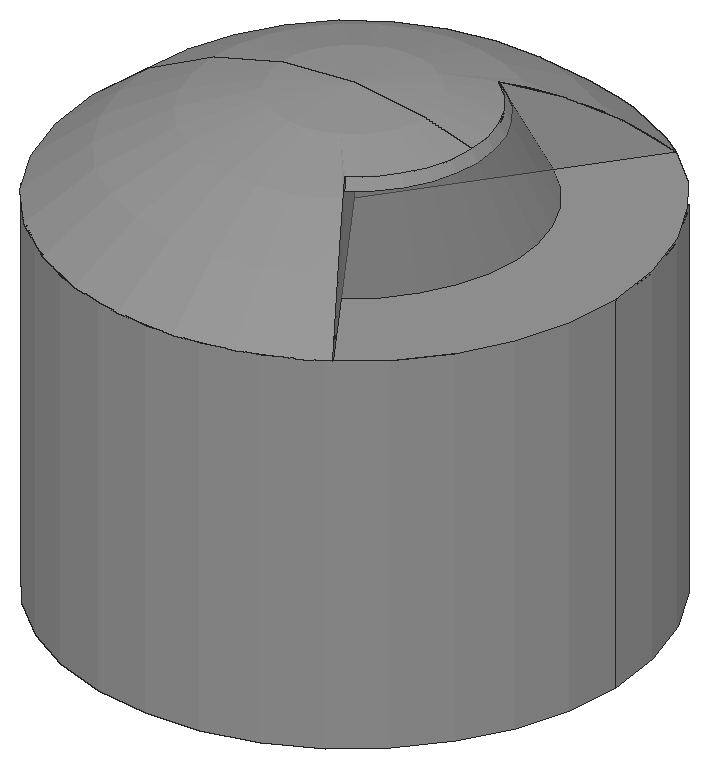
Revit family "4069405 Sylvania Lighting Fixture PATHE GROUND DECO MONO2 NARROW 104LM LED 4K", category Lighting Fixtures, host Face, Revit 2016
Family settings
  Host = Face
  Part Type = Normal
  Round Connector Dimension = Use Diameter
  OmniClass Number = 23.80.70.00
  OmniClass Title = Lighting
  Cut with Voids When Loaded = No
  Light Source = No
  Shared = No
  Room Calculation Point = No
Parameters (values of type "4069405 PATHE/G/DM2 NAR 104LM LED 4K")
  Weight = "0.9 kg"
  Wattage Comments = ""
  WarrantyStartDate [instance] = "n/a"
  WarrantyGuarantorParts = "n/a"
  WarrantyDurationUnit = "n/a"
  WarrantyDurationParts = "n/a"
  WarrantyDescription = "n/a"
  Voltage = 0 V
  URL = "http://www.sylvania-lighting.com"
  TypeName = "PATHE/GROUND/DECO MONO2 NARROW 104LM LED 4K"
  TypeLight_SYL = Pathe DM light : 4069405 PATHE/G/DM2 NAR 104LM LED 4K
  Type Image = <None>
  Type Comments = "n/a"
  SerialNumber [instance] = "n/a"
  RotationStart_SYL [instance] = if(BeamInclination22Deg_SYL, 22.00°, if(BeamInclination45Deg_SYL, 45.00°, 0.00°))  # 0.00°
  RotationEnd_SYL [instance] = RotationStart_SYL + 180.00°  # 180.00°
  Radius_SYL = 145 mm / 2  # 72.5 mm
  RadiusRef_SYL = 120 mm  # constant formula
  RadiusOpeningTop_SYL = 30 mm  # constant formula
  RadiusDome_SYL = 212 mm / 2  # 106 mm
  RadiusDiffuserBottom_SYL = 45 mm  # constant formula
  Offset_SYL = 0 mm
  Material_3_SYL = none
  PowerFactor = 0
  PowerConsumption = "4 W"
  NominalLength = 145 mm
  NominalHeight = 93 mm
  NominalDepth = 0 mm
  Name = "PATHE/GROUND/DECO MONO2 NARROW 104LM LED 4K"
  ModelReference = Name  # "PATHE/GROUND/DECO MONO2 NARROW 104LM LED 4K"
  ModelNumber = "4069405"
  Model = Name  # "PATHE/GROUND/DECO MONO2 NARROW 104LM LED 4K"
  Material = "corrosion resistant die-cast aluminium housing, uv-resistant polycarbonate diffuser"
  ManufacturerName = "Feilo Sylvania"
  Manufacturer = "Feilo Sylvania"
  LuminousEfficacy = "26 lm/W"
  LuminaireType = ""
  LightOutputRatio = "100"
  LampsType = Lamp  # "LED"
  LampNominalLuminous = "104 lm"
  LampMacAdamStep = "n/a"
  LampColourTemperature = "4000 K"
  LampColourRenderingIndex = "80"
  Lamp = "LED"
  Keynote = "16500"
  InstallationDate [instance] = "n/a"
  InputVoltage = "n/a"
  InputNominalFrequency = "n/a"
  IngressProtection = "IP67"
  ImpactProtectionIndex = "IK10"
  IfcExportType = "IfcLightFixtureType"
  IfcExportAs = "IfcLightFixtureType"
  HieghtGround_SYL = 93 mm  # constant formula
  HeightDome_SYL = 32 mm  # constant formula
  ExpectedLife = 50000
  EmittionSurface_SYL = 40 mm  # constant formula
  ElectricShockClassification = "Class I"
  DurationUnit = "hours"
  DocumentationLiterature = "http://www.sylvania-lighting.com/product/en-int/products/4069405"
  DimmingControlOptions = "n/a"
  Material_2_SYL = PC-Sylvania-PatheDM-Glow
  Description = "Single emission recessed ground luminaire, Corrosion resistant die-cast aluminium, 104lm, 4W, 26lm/W, 4000K, CRI80+, 10°, non dimmable, IP67, IK10, (ØxD) Ø145x125mm, 3 step MacAdam ellipse, 1.2kg, Class I, 220-240V, A++ A+ A"
  Default Elevation = 1219.2 mm
  CreatedOn = "9/26/2018"
  CreatedBy = "@sylvania-lighting.com"
  Cost = 0
  built-in parameter 1114216 [instance] = (empty or 0)
  ClassificationValue = "EF_70_80"
  ClassificationName = "Uniclass2015"
  Material_1_SYL = Aluminum 6061 T6 80 Hot Formed
  BeamInclination45Deg_SYL [instance] = no
  BeamInclination22Deg_SYL [instance] = no
  BarCode [instance] = "n/a"
  AssetType = "Fixed"
  AssetIdentifier [instance] = "n/a"
  Assembly Code = "D5020200"
  Apparent Load = 4 VA
  Material_4_SYL = none
  AngleOpening_SYL = 55.00°
  AngleOpeningMINUS_SYL = -AngleOpening_SYL  # -55.00°
Reference planes
  plane 1 "Center (Front/Back)": y = 0
  plane 2: z = 0
  plane 3 "Center (Left/Right)": x = 0
  plane 4: x = -72.5
  plane 5: z = 32
  plane 6: z = -93
  plane 7: z = -50.5
  plane 8: x = 45
  plane 9: x = 30
  plane 10: z = 24
  plane 11: x = 40
  plane 12: z = 14
Forms (mm)
  Revolve 1, void
    sketch origin (0, 0, 0) x (1, 0, 0) y (0, 0, 1)
      loop
        line (0, -93) -> (0, 0) -> (-72.5, 0) -> (-72.5, -93) -> (0, -93)
      axis (0, 0) -> (0, -93)
    angle from 360 to 0
  Revolve 2, solid, material "Aluminum 6061 T6 80 Hot Formed" <- "Material_1_SYL"
    sketch origin (0, 0, 0) x (1, 0, 0) y (0, 0, 1)
      loop
        arc (0, 32) -> (-38.982, 24.572) -> (-72.5, 3.329) r 106
        line (-72.5, 3.329) -> (-72.5, -93) -> (0, -93) -> (0, 32)
      axis (0, 32) -> (0, -93)
    angle from 360 to 0
  Blend 3, void
    base sketch origin (1223.4, -4572, 32) x (-1, 0, 0) y (0, -1, 0)
      loop
        arc (1206.193, -4596.575) -> (1193.4, -4572) -> (1206.193, -4547.425) r 30
        line (1206.193, -4547.425) -> (1154.571, -4473.702)
        arc (1154.571, -4473.702) -> (1103.4, -4572) -> (1154.571, -4670.298) r 120
        line (1154.571, -4670.298) -> (1206.193, -4596.575)
    top sketch origin (1223.4, -4572, 32) x (-1, 0, 0) y (0, -1, 0)
      loop
        line (1154.571, -4670.298) -> (1197.589, -4608.862)
        arc (1197.589, -4608.862) -> (1178.4, -4572) -> (1197.589, -4535.138) r 45
        line (1197.589, -4535.138) -> (1154.571, -4473.702)
        arc (1154.571, -4473.702) -> (1103.4, -4572) -> (1154.571, -4670.298) r 120
    from 0 to -28.671
  Revolve 4, void
    sketch origin (0, 0, 0) x (1, 0, 0) y (0, 0, 1)
      loop
        line (0, 24) -> (0, 3.329) -> (45, 3.329) -> (45, 24) -> (0, 24)
      axis (0, 24) -> (0, 3.329)
    angle from -55 <- "AngleOpeningMINUS_SYL" to 55 <- "AngleOpening_SYL"
  Revolve 5, solid, material "PC-Sylvania-PatheDM-Glow" <- "Material_2_SYL"
    sketch origin (0, 0, 0) x (1, 0, 0) y (0, 0, 1)
      loop
        line (0, 24) -> (0, 3.329) -> (45, 3.329) -> (34.185, 24) -> (0, 24)
      axis (0, 24) -> (0, 3.329)
    angle from -55 <- "AngleOpeningMINUS_SYL" to 55 <- "AngleOpening_SYL"
  Revolve 6, solid, not visible
    sketch origin (40, 1524, 1219.2) x (0, 1, 0) y (0, 0, 1)
      loop
        line (-1520, -1205.2) -> (-1520, -1202.402) -> (-1528, -1202.402) -> (-1528, -1205.2) -> (-1520, -1205.2)
      axis (-1520, -1205.2) -> (-1528, -1205.2)
    angle from 0 <- "RotationStart_SYL" to 180 <- "RotationEnd_SYL"
Cuts and joins
  Blend 3, Revolve 4 cuts Revolve 2
Lines and regions (mm)
  reference lines
    curve 1: circle (0, 0, -74) r 106 normal (0, -1, 0)
    curve 2: line (-72.5, 0, 3.329) -> (0, 0, 3.329)
    curve 3: circle (0, 0, 32) r 30 normal (0, 0, -1)
    curve 4: line (0, 0, 32) -> (34.415, 49.149, 32)
    curve 5: line (0, 0, 32) -> (34.415, -49.149, 32)
    curve 6: line (0, 0, 32) -> (40.15, 57.341, 32)
    curve 7: line (40.15, -57.341, 32) -> (0, 0, 32)
    curve 8: circle (0, 0, 32) r 45 normal (0, 0, -1)
    curve 9: line (30, 0, 32) -> (45, 0, 3.329)
    curve 10: line (40, -4, 1.596) -> (40, -4, 32)
    curve 11: line (40, 4, 32) -> (40, 4, 1.596)
    curve 12: circle (0, 0, 32) r 120 normal (0, 0, -1)
Dimensions and locks
  "Radius_SYL": plane 3 "Center (Left/Right)" to plane 4
  "HeightDome_SYL": plane 5 to plane 2
  "HieghtGround_SYL": plane 2 to plane 6
  "RadiusDome_SYL": plane 5 to curve 1
  "Offset_SYL": curve 6 to curve 4
  "Offset_SYL": curve 5 to curve 7
  "RadiusOpeningTop_SYL": plane 3 "Center (Left/Right)" to plane 9
  "RadiusDiffuserBottom_SYL": plane 3 "Center (Left/Right)" to plane 8
  locked: plane 5 to plane 10 at 8
  "EmittionSurface_SYL": plane 3 "Center (Left/Right)" to plane 11
  locked: plane 10 to plane 12 at 10
  curve 10 to plane 1 "Center (Front/Back)" to curve 11 = 4 mm locked, 4 mm locked
  "RadiusDome_SYL": radius of curve 1
  "RadiusOpeningTop_SYL": radius of curve 3
  "RadiusDiffuserBottom_SYL": radius of curve 8
  "RadiusRef_SYL": radius of curve 12
  "AngleOpening_SYL": angle plane 1 "Center (Front/Back)" to curve 4
  "AngleOpening_SYL": angle curve 5 to plane 1 "Center (Front/Back)"
  "AngleOpening_SYL": angle plane 1 "Center (Front/Back)" to curve 6
  "AngleOpening_SYL": angle curve 7 to plane 1 "Center (Front/Back)"
  aligned and locked: plane 2 to host face
  aligned and locked: level to host face
  aligned and locked: plane 3 "Center (Left/Right)" to curve 1
  aligned and locked: plane 3 "Center (Left/Right)" to curve 2
  aligned and locked: Revolve 1 sketch curve to plane 3 "Center (Left/Right)"  (x2)
  aligned and locked: Revolve 1 sketch curve to plane 6
  aligned and locked: Revolve 1 sketch curve to level
  aligned and locked: plane 4 to Revolve 1 sketch curve
  aligned and locked: Revolve 2 sketch curve to plane 3 "Center (Left/Right)"  (x2)
  aligned and locked: Revolve 2 sketch curve to curve 1
  aligned and locked: Revolve 2 sketch curve to plane 4
  aligned and locked: plane 3 "Center (Left/Right)" to curve 3
  aligned and locked: plane 1 "Center (Front/Back)" to curve 3
  aligned and locked: plane 3 "Center (Left/Right)" to curve 4
  aligned and locked: plane 1 "Center (Front/Back)" to curve 6
  aligned and locked: plane 3 "Center (Left/Right)" to curve 8
  aligned and locked: plane 1 "Center (Front/Back)" to curve 8
  aligned and locked: plane 5 to Blend 3
  aligned and locked: curve 2 to Blend 3
  aligned and locked: curve 9 to cut or joined group of Revolve 2, Blend 3, Revolve 4
  aligned and locked: plane 9 to curve 9
  aligned and locked: plane 5 to curve 9
  aligned and locked: plane 8 to curve 9
  aligned and locked: curve 2 to curve 9
  aligned and locked: Revolve 4 sketch curve to plane 3 "Center (Left/Right)"
  aligned and locked: Revolve 4 sketch curve to curve 2
  aligned and locked: plane 3 "Center (Left/Right)" to Revolve 4 sketch curve
  aligned and locked: Revolve 4 sketch curve to plane 8
  aligned and locked: plane 10 to Revolve 4 sketch curve
  aligned and locked: Revolve 5 sketch curve to plane 3 "Center (Left/Right)"
  aligned and locked: curve 9 to Revolve 5 sketch curve
  aligned and locked: Revolve 6 sketch curve to plane 12  (x2)
  aligned and locked: curve 11 to Revolve 6 sketch curve
  aligned and locked: curve 10 to Revolve 6 sketch curve
  aligned and locked: plane 6 to Revolve 2 sketch curve
  aligned and locked: plane 1 "Center (Front/Back)" to nested 1
  aligned and locked: plane 12 to nested 1
  aligned and locked: Blend 3 sketch curve to curve 12  (x2)
  aligned and locked: curve 6 to Blend 3 sketch curve
  aligned and locked: Blend 3 sketch curve to curve 7
  aligned and locked: Blend 3 sketch curve to curve 3
  aligned and locked: Revolve 5 to Blend 3 sketch curve  (x2)
  aligned and locked: Blend 3 sketch curve to curve 8
Automatic sketch dimensions
  host sketch curve to host sketch curve = 2438.4 mm  (x2)
  plane 6 to Revolve 1 sketch curve = 534.6 mm
  Revolve 1 sketch curve to plane 5 = 2589.058 mm
  plane 6 to Revolve 4 sketch curve = 534.6 mm
  Revolve 4 sketch curve to plane 5 = 2589.058 mm
  plane 6 to Revolve 5 sketch curve = 534.6 mm
  Revolve 5 sketch curve to plane 5 = 2589.058 mm
  curve 2 to plane 4 = 0 mm
  plane 5 to curve 11 = 0 mm
  plane 5 to curve 10 = 0 mm
  level to curve 10 = 1.596 mm
  level to curve 11 = 1.596 mm
  Revolve 6 sketch curve to Revolve 6 sketch curve = 2.798 mm
  Revolve 6 sketch curve to Revolve 6 sketch curve = 2550.941 mm
  Revolve 6 sketch curve to Revolve 6 sketch curve = 2093.409 mm
  plane 6 to Revolve 2 sketch curve = 534.6 mm
  Revolve 2 sketch curve to Revolve 2 sketch curve = 2589.058 mm
  curve 3 to curve 12 = 0 mm  (x2)
  Blend 3 sketch curve to Blend 3 sketch curve = 0 mm  (x2)
  Revolve 5 sketch curve to plane 3 "Center (Left/Right)" = 0 mm
  Revolve 5 sketch curve to plane 10 = 0 mm
  Revolve 5 sketch curve to plane 8 = 0 mm
Nested families
  nested 1: "Pathe DM light" at (40, 0, 14) x (0, 0, 1) z (1, 0, 0), type <- "TypeLight_SYL", type "4069405 PATHE/G/DM2 NAR 104LM LED 4K"
    with built-in parameter 1114216 (empty or 0)
Connectors
  electrical at (0, 0, 0), driven by "Apparent Load", driven by "PowerFactor", driven by "Voltage"
    settings: index 1, voltage 0 V, apparent load 4 VA, apparent load phase1 0 VA, apparent load phase2 0 VA, apparent load phase3 0 VA, power factor 0, load classification "Lighting", number of poles 1, system type 30, power factor state 1, is connector primary yes, connector utility no, sub classification motor no, connector description ""
Definition of nested family "Pathe DM light"
  Parameters (values of type "4069478 PATHE/G/DM3 ELLIP 320LM LED 4K")
    Wattage Comments = "n/a"
    Wattage = 11 W
    built-in parameter 1150110 = 1 (stored number, unit not read)
    URL = "http://www.sylvania-lighting.com"
    Type Image = (empty or 0)
    Type Comments = "n/a"
    built-in parameter 1114217 = 1 (stored number, unit not read)
    Tilt Angle = -90.00°
    built-in parameter 1150109 = 1 (stored number, unit not read)
    built-in parameter 1150134 = 12
    built-in parameter 1150113 = 1 (stored number, unit not read)
    RadiusTop_SYL = 463.25 mm
    RadiusSide_SYL = 88.395 mm
    RadiusLensCircle_SYL = 25.5 mm
    Photometric Web File = "Pathe Ground DM.ies"
    built-in parameter 1150142 = "IESNA:LM-63-2002\r\n[TEST] \"\"\r\n[TESTLAB] FEILO SYLVANIA Lighting EULUMDAT\r\n[TESTDATE] 26 Oct 2017\r\n[ISSUEDATE] 26 Oct 2017\r\n[MANUFAC] FEILO SYLVANIA Lighting EULUMDAT\r\n[LUMCAT] 0027954\r\n[LUMINAIRE] RefLED Superia v3 MR16 Dimmable 450lm 840 25°\r\n[FLASHAREA] 0.000195\r\n[LAMPCAT] RefLED Superia v3 MR16 Dimmable 450lm 840 25°\r\n[LAMP] RefLED Superia v3 MR16 Dimmable 450lm 840 25°\r\nTILT=NONE\r\n1 500.00 1.0 67 1 1 2 -0.032 -0.032 0.000\r\n1.00 1.00 5.00\r\n0.00 0.50 1.00 1.50 2.00 2.50 3.00 3.50 4.00 4.50 5.00 \r\n6.00 7.00 8.00 9.00 10.00 11.00 12.00 13.00 14.00 15.00 \r\n16.00 17.00 18.00 19.00 20.00 21.00 22.00 23.00 24.00 \r\n25.00 26.00 27.00 28.00 29.00 30.00 32.00 34.00 36.00 \r\n38.00 40.00 42.00 44.00 45.00 46.00 48.00 50.00 52.00 \r\n54.00 56.00 58.00 60.00 62.00 64.00 66.00 68.00 70.00 \r\n72.00 74.00 76.00 78.00 80.00 82.00 84.00 86.00 88.00 \r\n90.00 \r\n0.00 \r\n952.00 950.00 948.50 945.00 940.00 932.00 923.00 911.00 \r\n898.00 881.00 860.50 800.50 740.00 692.50 642.50 587.00 \r\n533.00 481.50 432.00 382.50 334.00 288.50 250.00 212.00 \r\n181.50 156.00 134.00 117.50 103.50 92.00 82.50 74.00 \r\n67.50 60.50 55.00 49.75 41.20 34.30 28.55 24.25 20.95 \r\n18.20 16.00 15.15 14.35 12.70 11.45 10.45 9.50 8.40 7.60 \r\n6.75 5.95 3.45 1.50 0.70 0.55 0.55 0.55 0.70 0.70 0.70 \r\n0.70 0.70 0.70 0.70 0.70 \r\n"
    Model = "PATHE/GROUND/DECO MONO3 ELLIPTICAL 320LM LED 4K"
    Manufacturer = "Feilo Sylvania"
    built-in parameter 1150105 = 609.28 (stored number, unit not read)
    Lumens = 320 lm
    built-in parameter 1150115 = 1 (stored number, unit not read)
    built-in parameter 1150137 = (empty or 0)
    built-in parameter 1150139 = (empty or 0)
    built-in parameter 1150112 = 1 (stored number, unit not read)
    built-in parameter 1150114 = 1 (stored number, unit not read)
    Lamp = "LED"
    Keynote = "16500"
    built-in parameter 1150132 = (empty or 0)
    built-in parameter 1150102 = (empty or 0)
    built-in parameter 1150107 = 4000 (stored number, unit not read)
    built-in parameter 1150138 = (empty or 0)
    built-in parameter 1150106 = 6.0928 (stored number, unit not read)
    built-in parameter 1150104 = 2.7026 (stored number, unit not read)
    Dimming Lamp Color Temperature Shift = (empty or 0)
    Description = "Single emission recessed ground luminaire, Corrosion resistant die-cast aluminium, 320lm, 11W, 29lm/W, 4000K, CRI80+, 13°,40°, non dimmable, IP67, IK10, (ØxD) Ø215x245mm, 3, Class I, 220-240V, A++ A+ A"
    Default Elevation = 1219.2 mm
    Cost = 0
    Color Filter = 16777215
    built-in parameter 1114216 [instance] = (empty or 0)
    built-in parameter 1114218 = 1 (stored number, unit not read)
    built-in parameter 1150133 = 10 (stored number, unit not read)
    Assembly Code = "D5020200"
    Apparent Load = 11 VA
  Types (12, lengths in mm): name | Wattage | built-in parameter 1150134 | Model | built-in parameter 1150105 | Lumens | built-in parameter 1150107 | built-in parameter 1150106 | built-in parameter 1150104 | Description | Apparent Load
    4069478 PATHE/G/DM3 ELLIP 320LM LED 4K | 11 W | 12 | "PATHE/GROUND/DECO MONO3 ELLIPTICAL 320LM LED 4K" | 609.28 (stored number, unit not read) | 320 lm | 4000 (stored number, unit not read) | 6.0928 (stored number, unit not read) | 2.7026 (stored number, unit not read) | "Single emission recessed ground luminaire, Corrosion resistant die-cast aluminium, 320lm, 11W, 29lm/W, 4000K, CRI80+, 13°,40°, non dimmable, IP67, IK10, (ØxD) Ø215x245mm, 3, Class I, 220-240V, A++ A+ A" | 11 VA
    4069477 PATHE/G/DM1 ELLIP 51LM LED 4K | 1.5 W | 12 | "PATHE/GROUND/DECO MONO1 ELLIPTICAL 51LM LED 4K" | 97.104 (stored number, unit not read) | 51 lm | 4000 (stored number, unit not read) | 0.97104 (stored number, unit not read) | 3.1587 (stored number, unit not read) | "Single emission recessed ground luminaire, Corrosion resistant die-cast aluminium, 51lm, 1.5W, 34lm/W, 4000K, CRI80+, 13°,40°, non dimmable, IP67, IK10, (ØxD) Ø95x95mm, 3 step MacAdam ellipse, 1.2kg, Class I, 220-240V, A++ A+ A" | 1.5 VA
    4069413 PATHE/G/DM3 NAR 323LM LED 3K | 11 W | (empty or 0) | "PATHE/GROUND/DECO MONO3 NARROW 323LM LED 3K" | 614.99 (stored number, unit not read) | 323 lm | 3000 (stored number, unit not read) | 6.1499 (stored number, unit not read) | 2.728 (stored number, unit not read) | "Single emission recessed ground luminaire, Corrosion resistant die-cast aluminium, 323lm, 11W, 29lm/W, 3000K, CRI80+, 10°, non dimmable, IP67, IK10,  (ØxD) Ø215x245mm, 3 step MacAdam ellipse, Class I, 220-240V, A++ A+ A" | 11 VA
    4069412 PATHE/G/DM3 ELLIP 302LM LED 3K | 11 W | (empty or 0) | "PATHE/GROUND/DECO MONO3 ELLIPTICAL 302LM LED 3K" | 575.01 (stored number, unit not read) | 302 lm | 3000 (stored number, unit not read) | 5.7501 (stored number, unit not read) | 2.5506 (stored number, unit not read) | "Single emission recessed ground luminaire, Corrosion resistant die-cast aluminium, 302lm, 11W, 27lm/W, 3000K, CRI80+, 13°,40°, non dimmable, IP67, IK10, (ØxD) Ø215x245mm, 3 step MacAdam ellipse, Class I, 220-240V, A++ A+ A" | 11 VA
    4069411 PATHE/G/DM3 NAR 342LM LED 4K | 11 W | 12 | "PATHE/GROUND/DECO MONO3 NARROW 342LM LED 4K" | 651.17 (stored number, unit not read) | 342 lm | 4000 (stored number, unit not read) | 6.5117 (stored number, unit not read) | 2.8884 (stored number, unit not read) | "Single emission recessed ground luminaire, Corrosion resistant die-cast aluminium, 342lm, 11W, 31lm/W, 4000K, CRI80+, 10°, non dimmable, IP67, IK10, (ØxD) Ø215x245mm, 3 step MacAdam ellipse, Class I, 220-240V, A++ A+ A" | 11 VA
    4069407 PATHE/G/DM2 NAR 98LM LED 3K | 4 W | (empty or 0) | "PATHE/GROUND/DECO MONO2 NARROW 98LM LED 3K" | 186.59 (stored number, unit not read) | 98 lm | 3000 (stored number, unit not read) | 1.8659 (stored number, unit not read) | 2.2761 (stored number, unit not read) | "Single emission recessed ground luminaire, Corrosion resistant die-cast aluminium, 98lm, 4W, 24lm/W, 3000K, CRI80+, 10°, non dimmable, IP67, IK10, (ØxD) Ø145x125mm, 3 step MacAdam ellipse, 1.2kg, Class I, 220-240V, A++ A+ A" | 4 VA
    4069406 PATHE/G/DM2 ELLIP 102LM LED 3K | 4 W | (empty or 0) | "PATHE/GROUND/DECO MONO2 ELLIPTICAL 102LM LED 3K" | 194.21 (stored number, unit not read) | 102 lm | 3000 (stored number, unit not read) | 1.9421 (stored number, unit not read) | 2.369 (stored number, unit not read) | "Single emission recessed ground luminaire, Corrosion resistant die-cast aluminium, 102lm, 4W, 25lm/W, 3000K, CRI80+, 13°,40°, non dimmable, IP67, IK10, (ØxD) Ø145x125mm, 3 step MacAdam ellipse, 1.2kg, Class I, 220-240V, A++ A+ A" | 4 VA
    4069405 PATHE/G/DM2 NAR 104LM LED 4K | 4 W | 12 | "PATHE/GROUND/DECO MONO2 NARROW 104LM LED 4K" | 198.02 (stored number, unit not read) | 104 lm | 4000 (stored number, unit not read) | 1.9802 (stored number, unit not read) | 2.4155 (stored number, unit not read) | "Single emission recessed ground luminaire, Corrosion resistant die-cast aluminium, 104lm, 4W, 26lm/W, 4000K, CRI80+, 10°, non dimmable, IP67, IK10, (ØxD) Ø145x125mm, 3 step MacAdam ellipse, 1.2kg, Class I, 220-240V, A++ A+ A" | 4 VA
    4069404 PATHE/G/DM2 ELLIP 108LM LED 4K | 4 W | 12 | "PATHE/GROUND/DECO MONO2 ELLIPTICAL 108LM LED 4K" | 205.63 (stored number, unit not read) | 108 lm | 4000 (stored number, unit not read) | 2.0563 (stored number, unit not read) | 2.5084 (stored number, unit not read) | "Single emission recessed ground luminaire, Corrosion resistant die-cast aluminium, 108lm, 4W, 27lm/W, 4000K, CRI80+, 13°,40°, non dimmable, IP67, IK10, (ØxD) Ø145x125mm, 3 step MacAdam ellipse, 1.2kg, Class I, 220-240V, A++ A+ A" | 4 VA
    4069403 PATHE/G/DM1 NAR 54LM LED 3K | 1.5 W | (empty or 0) | "PATHE/GROUND/DECO MONO1 NARROW 54LM LED 3K" | 102.82 (stored number, unit not read) | 54 lm | 3000 (stored number, unit not read) | 1.0282 (stored number, unit not read) | 3.3445 (stored number, unit not read) | "Single emission recessed ground luminaire, Corrosion resistant die-cast aluminium, 54lm, 1.5W, 36lm/W, 3000K, CRI80+, 10°, non dimmable, IP67, IK10, (ØxD) Ø95x95mm, 3 step MacAdam ellipse, Class I, 220-240V, A++ A+ A" | 1.5 VA
    4069402 PATHE/G/DM1 ELLIP 49LM LED 3K | 1.5 W | (empty or 0) | "PATHE/GROUND/DECO MONO1 ELLIPTICAL 49LM LED 3K" | 93.296 (stored number, unit not read) | 49 lm | 3000 (stored number, unit not read) | 0.93296 (stored number, unit not read) | 3.0348 (stored number, unit not read) | "Single emission recessed ground luminaire, Corrosion resistant die-cast aluminium, 49lm, 1.5W, 33lm/W, 3000K, CRI80+, 13°,40°, non dimmable, IP67, IK10, (ØxD) Ø95x95mm, 3 step MacAdam ellipse, 1.2kg, Class I, 220-240V, A++ A+ A" | 1.5 VA
    4069401 PATHE/G/DM1 NAR 57LM LED 4K | 1.5 W | 12 | "PATHE/GROUND/DECO MONO1 NARROW 57LM LED 4K" | 108.53 (stored number, unit not read) | 57 lm | 4000 (stored number, unit not read) | 1.0853 (stored number, unit not read) | 3.5303 (stored number, unit not read) | "Single emission recessed ground luminaire, Corrosion resistant die-cast aluminium, 57lm, 1.5W, 38lm/W, 4000K, CRI80+, 10°, non dimmable, IP67, IK10, (ØxD) Ø95x95mm, 3 step MacAdam ellipse, Class I, 220-240V, A++ A+ A" | 1.5 VA
  Reference planes
    plane 1 "Center (Front/Back)": y = 0
    plane 2: z = 0
    plane 3 "Center (Left/Right)": x = 0
  Forms (mm)
    Extrusion 1, solid
      sketch origin (4.2, 0, 0) x (1, 0, 0) y (0, 1, 0)
        loop
          line (-1219.2, 1219.2) -> (-1219.2, -1219.2) -> (1219.2, -1219.2) -> (1219.2, 1219.2) -> (-1219.2, 1219.2)
      from 0 to -68.017
  Dimensions and locks
    aligned and locked: plane 2 to Extrusion 1
    aligned and locked: level to Extrusion 1
    aligned and locked: plane 3 "Center (Left/Right)" to imposter light
    aligned and locked: imposter light to plane 1 "Center (Front/Back)"
    aligned and locked: plane 2 to imposter light
